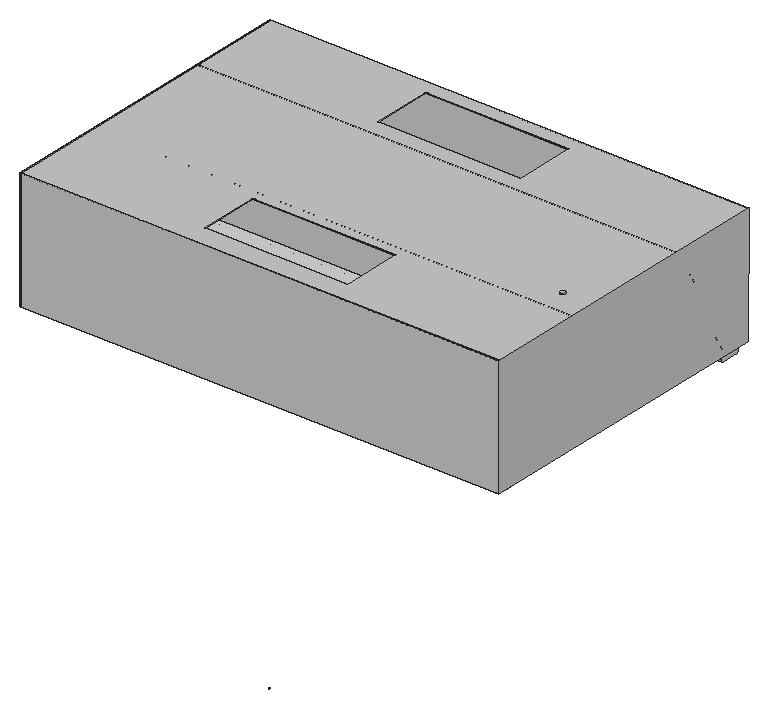
Revit family "QF_ELECTROLUXPROFESSIONAL_640229_STPF1320", category Specialty Equipment, Revit 2014
Reference planes
  plane 1: z = 0
  plane 2 "Center (Left/Right)": x = 150
  plane 3 "LEFT": x = -850
  plane 4 "RIGHT": x = 1150
  plane 5 "BACK": y = 550
  plane 6 "TOP": z = 2500
  plane 7 "Base": z = 2000
  plane 8: z = 1955
  plane 9 "DrainY": y = 490
  plane 10: x = -847
  plane 11 "DrainX": x = 1030
  plane 12 "AOLeft2": x = 450
  plane 13: x = 1147
  plane 14: x = -650
  plane 15: x = 950
  plane 16 "Center (Front/Back)": y = -100
  plane 17 "Front": y = -750
  plane 18 "AOLeft1": x = -150
  plane 19: y = -664
  plane 20: y = -414
  plane 21: y = 240
  plane 22: y = 490
  plane 23 "EI_y": y = -270
  plane 24 "EIx": x = 1030
Forms (mm)
  Extrusion 1, solid, material "QF_Finishes_Stainless Steel"
    sketch origin (-850, 0, 360) x (0, 1, 0) y (0, 0, 1)
      loop
        line (550, 1640) -> (550, 2140) -> (-750, 2140) -> (-750, 1640) -> (550, 1640)
    from 0 to 3
  Extrusion 2, solid, material "QF_Finishes_Stainless Steel"
    sketch origin (1150, 0, 360) x (0, 1, 0) y (0, 0, 1)
      loop
        line (550, 1640) -> (550, 2140) -> (-750, 2140) -> (-750, 1640) -> (550, 1640)
    from 0 to -3
  Extrusion 3, solid, material "QF_Finishes_Stainless Steel"
    sketch origin (150, 0, 360) x (0, 1, 0) y (0, 0, 1)
      loop
        line (-750, 2140) -> (-750, 1640) -> (-740, 1640) -> (-740, 1640.8) -> (-749.2, 1640.8) -> (-749.2, 2139.19) -> (549.2, 2139.19) -> (549.2, 1640.8) -> (540, 1640.8) -> (540, 1640) -> (550, 1640) -> (550, 2140) -> (-750, 2140)
    from -1000 to 1000
  Extrusion 4, solid, material "QF_Finishes_Stainless Steel"
    sketch origin (0, 0, 2000) x (0, 1, 0) y (-1, 0, 0)
      loop
        circle (490, -1030) r 4.763
    from -30 to 0
  Extrusion 5, void
    sketch origin (0, 0, 2500) x (0, 1, 0) y (-1, 0, 0)
      loop
        line (-414, -450) -> (-414, 150) -> (-664, 150) -> (-664, -450) -> (-414, -450)
    from 0 to -10
  Extrusion 6, solid, material "QF_Finishes_Stainless Steel"
    sketch origin (0, 0, 0) x (1, 0, 0) y (0, 1, 0)
      loop
        line (-850, 550) -> (-850, 549) -> (-849, 549) -> (-849, 550) -> (-850, 550)
    from 0 to 1
  Extrusion 7, solid, material "QF_LAMPS"
    sketch origin (150, 0, 360) x (0, 1, 0) y (0, 0, 1)
      loop
        line (-372.823, 1962.324) -> (-218.948, 2086.929) -> (-227.129, 2097.032) -> (-381.003, 1972.426) -> (-372.823, 1962.324)
    from 997 to -997
  Extrusion 8, solid, material "QF_Finishes_Stainless Steel"
    sketch origin (150, 0, 360) x (0, 1, 0) y (0, 0, 1)
      loop
        line (-750, 2139.19) -> (-750, 1640) -> (-686.602, 1640) -> (-599.146, 1690.493) -> (-610.058, 1709.394) -> (-666.564, 1676.77) -> (-714.704, 1680.982) -> (-749.2, 1730.248) -> (-749.2, 2139.19) -> (-750, 2139.19)
      loop
        line (-373.6, 1961.694) -> (-381.937, 1971.99) -> (-369.095, 1982.182) -> (-369.095, 2139.19) -> (-369.895, 2139.19) -> (-369.895, 1982.569) -> (-682.298, 1734.63) -> (-671.091, 1720.79) -> (-373.6, 1961.694)
      loop
        line (-227.61, 2099.216) -> (-218.171, 2087.559) -> (-154.411, 2139.19) -> (-155.682, 2139.19) -> (-218.052, 2088.684) -> (-226.989, 2099.719) -> (-227.61, 2099.216)
    from -997 to 997
  Sweep 9, solid, material "QF_Finishes_Stainless Steel"
    path origin (0, 0, 0) x (1, 0, 0) y (0, 1, 0)
      loop
        line (1150, 550) -> (-850, 550) -> (-850, -750) -> (1150, -750) -> (1150, 550)
    profile origin (1150, -100, 0) x (1, 0, 0) y (0, 0, 1)
      loop
        line (-3, 2000) -> (-3, 2000.8) -> (-19, 2000.8) -> (-19, 2010) -> (-20, 2010) -> (-20, 2000) -> (-3, 2000)
  Extrusion 10, solid, material "QF_Finishes_Stainless Steel"
    sketch origin (150, 0, 0) x (0, 1, 0) y (0, 0, 1)
      loop
        line (414.66, 2095.469) -> (440.643, 2110.471) -> (261.744, 2411.771) -> (235.948, 2396.455) -> (414.66, 2095.469)
    from -997 to -800
  Extrusion 11, solid, material "QF_Finishes_Stainless Steel"
    sketch origin (1030, 0, 0) x (0, 1, 0) y (0, 0, 1)
      loop
        line (539, 2000) -> (441, 2000) -> (441, 1989) -> (448.5, 1989) -> (448.5, 1965)
        arc (448.5, 1965) -> (451.429, 1957.929) -> (458.5, 1955) r 10
        line (458.5, 1955) -> (521.5, 1955)
        arc (521.5, 1955) -> (528.571, 1957.929) -> (531.5, 1965) r 10
        line (531.5, 1965) -> (531.5, 1989) -> (539, 1989) -> (539, 2000)
    from 90 to -90
  Extrusion 12, solid, material "QF_Finishes_Stainless Steel"
    sketch origin (150, 0, 360) x (0, 1, 0) y (0, 0, 1)
      loop
        line (-750, 2139.19) -> (-750, 1640) -> (-686.602, 1640) -> (-599.146, 1690.493) -> (-610.058, 1709.394) -> (-666.564, 1676.77) -> (-714.704, 1680.982) -> (-749.2, 1730.248) -> (-749.2, 2139.19) -> (-750, 2139.19)
      loop
        line (-373.6, 1961.694) -> (-381.937, 1971.99) -> (-369.095, 1982.182) -> (-369.095, 2139.19) -> (-369.895, 2139.19) -> (-369.895, 1982.569) -> (-682.298, 1734.63) -> (-671.091, 1720.79) -> (-373.6, 1961.694)
      loop
        line (-227.61, 2099.216) -> (-218.171, 2087.559) -> (-154.411, 2139.19) -> (-155.682, 2139.19) -> (-218.052, 2088.684) -> (-226.989, 2099.719) -> (-227.61, 2099.216)
    from -997 to 997
  Extrusion 13, solid, material "QF_Finishes_Stainless Steel"
    sketch origin (150, 0, 0) x (0, 1, 0) y (0, 0, 1)
      loop
        line (414.66, 2095.469) -> (440.643, 2110.471) -> (261.744, 2411.771) -> (235.948, 2396.455) -> (414.66, 2095.469)
    from 800 to 997
  Extrusion 14, solid, material "QF_Finished_Chrome"
    sketch origin (150, 0, 0) x (0, 1, 0) y (0, 0, 1)
      loop
        line (414.66, 2095.469) -> (440.643, 2110.471) -> (261.744, 2411.771) -> (235.948, 2396.455) -> (414.66, 2095.469)
    from -800 to 800
  Extrusion 15, void
    sketch origin (0, 1180, 2500) x (0, 1, 0) y (-1, 0, 0)
      loop
        line (-690, -450) -> (-690, 150) -> (-940, 150) -> (-940, -450) -> (-690, -450)
    from 0 to -10
  Extrusion 16, solid, material "QF_Finishes_Stainless Steel"
    sketch origin (0, 0, 2500) x (0, 1, 0) y (-1, 0, 0)
      loop
        circle (-270, -1030) r 10
    from 0 to 1.6
  Extrusion 17, solid, material "QF_Finishes_Stainless Steel"
    sketch origin (150, 0, 360) x (0, 1, 0) y (0, 0, 1)
      loop
        line (430.005, 1640) -> (540, 1640) -> (540, 1640.8) -> (430.467, 1640.8) -> (371.906, 1742.23) -> (414.858, 1734.657) -> (442.266, 1750.481) -> (442.266, 1765.943) -> (441.466, 1765.943) -> (441.466, 1750.943) -> (414.709, 1735.495) -> (321.153, 1751.991) -> (320.875, 1750.416) -> (371.4, 1741.507) -> (430.005, 1640)
      loop
        line (172.529, 2139.19) -> (242.893, 2017.316) -> (245.133, 2018.715) -> (240.13, 2027.381) -> (238.569, 2026.405) -> (173.453, 2139.19) -> (172.529, 2139.19)
    from -997 to 997
Cuts and joins
  Extrusion 5, Extrusion 15 cuts Extrusion 3
  joined: Extrusion 2, Extrusion 3, Sweep 9
Lines and regions (mm)
  symbolic lines, style "SpecialityEquipment", detail levels coarse
    curve 1: line (1150, 550, 2500) -> (-850, 550, 2500)
    curve 2: line (-850, 550, 2500) -> (-850, -750, 2500)
    curve 3: line (1150, -750, 2500) -> (1150, 550, 2500)
    curve 4: line (-850, 550, 0) -> (1150, -750, 0)
    curve 5: line (1150, 550, 0) -> (-850, -750, 0)
    curve 6: line (-850, -750, 0) -> (1150, -750, 0)
    curve 7: line (450, -414, 0) -> (-150, -414, 0)
    curve 8: line (450, -664, 0) -> (450, -414, 0)
    curve 9: line (-150, -664, 0) -> (450, -664, 0)
    curve 10: line (-150, -414, 0) -> (-150, -664, 0)
  symbolic lines, detail levels coarse
    curve 11: line (-150, 240, 2500) -> (450, 240, 2500)
    curve 12: line (-150, 490, 2500) -> (-150, 240, 2500)
    curve 13: line (450, 490, 2500) -> (-150, 490, 2500)
    curve 14: line (450, 240, 2500) -> (450, 490, 2500)
Dimensions and locks
  plane 3 "LEFT" to plane 4 "RIGHT" = 2000 mm
  equal spacing: plane 3 "LEFT", plane 2 "Center (Left/Right)", plane 4 "RIGHT"
  plane 7 "Base" to plane 8 = 45 mm
  plane 5 "BACK" to plane 9 "DrainY" = 60 mm  (x2)
  plane 3 "LEFT" to plane 10 = 3 mm
  plane 11 "DrainX" to plane 4 "RIGHT" = 120 mm
  plane 13 to plane 4 "RIGHT" = 3 mm
  plane 3 "LEFT" to plane 14 = 200 mm
  plane 15 to plane 4 "RIGHT" = 200 mm
  locked: plane 7 "Base" to level at 2000
  locked: plane 6 "TOP" to plane 7 "Base" at 500
  locked: plane 5 "BACK" to plane 17 "Front" at 1300
  equal spacing: plane 5 "BACK", plane 16 "Center (Front/Back)", plane 17 "Front"
  locked: plane 20 to plane 19 at 250
  plane 19 to plane 17 "Front" = 86 mm
  locked: plane 22 to plane 21 at 250
  plane 5 "BACK" to plane 22 = 60 mm
  locked: plane 23 "EI_y" to plane 17 "Front" at 480
  locked: plane 24 "EIx" to plane 4 "RIGHT" at 120
  locked: plane 18 "AOLeft1" to plane 12 "AOLeft2" at 600
  equal spacing: plane 18 "AOLeft1", plane 2 "Center (Left/Right)", plane 12 "AOLeft2"
  plane 5 "BACK" to plane 17 "Front" = 1300 mm
  aligned and locked: level to plane 1
  aligned and locked: plane 4 "RIGHT" to Extrusion 3
  aligned and locked: Extrusion 3 to plane 3 "LEFT"
  aligned and locked: Extrusion 2 to plane 13
  aligned and locked: Extrusion 10 to plane 10
  aligned and locked: Extrusion 8 to plane 10
  aligned and locked: plane 13 to Extrusion 8
  aligned and locked: Extrusion 5 to plane 18 "AOLeft1"
  aligned and locked: Extrusion 5 to plane 12 "AOLeft2"
  aligned and locked: plane 14 to Extrusion 10
  aligned and locked: plane 15 to Extrusion 13
  aligned and locked: plane 13 to Extrusion 13
  aligned and locked: Extrusion 14 to plane 14
  aligned and locked: Extrusion 14 to plane 15
  aligned and locked: plane 13 to Extrusion 7
  aligned and locked: Extrusion 7 to plane 10
  aligned and locked: Extrusion 15 to plane 21
  aligned and locked: plane 22 to Extrusion 15
  aligned and locked: Extrusion 15 to plane 18 "AOLeft1"
  aligned and locked: Extrusion 15 to plane 12 "AOLeft2"
  aligned and locked: Extrusion 17 to plane 10
  aligned and locked: plane 13 to Extrusion 17
  aligned and locked: plane 13 to Extrusion 12
  aligned and locked: Extrusion 12 to plane 10
  aligned and locked: cut or joined group of Extrusion 2, Extrusion 3, Extrusion 5, Sweep 9, Extrusion 15 to curve 7
  aligned and locked: cut or joined group of Extrusion 2, Extrusion 3, Extrusion 5, Sweep 9, Extrusion 15 to plane 19
  aligned and locked: curve 9 to plane 19
Automatic sketch dimensions
  curve 6 to plane 3 "LEFT" = 0 mm
  curve 4 to plane 3 "LEFT" = 0 mm
  curve 10 to plane 18 "AOLeft1" = 0 mm
  curve 8 to plane 12 "AOLeft2" = 0 mm
  curve 5 to plane 4 "RIGHT" = 0 mm
  curve 6 to plane 4 "RIGHT" = 0 mm
  curve 4 to plane 17 "Front" = 0 mm
  curve 4 to plane 5 "BACK" = 0 mm
  curve 5 to plane 5 "BACK" = 0 mm
  curve 2 to plane 3 "LEFT" = 0 mm
  curve 2 to plane 17 "Front" = 0 mm
  curve 3 to plane 4 "RIGHT" = 0 mm
  curve 3 to plane 17 "Front" = 0 mm
  curve 2 to plane 5 "BACK" = 0 mm
  Extrusion 1 sketch curve to plane 7 "Base" = 0 mm
  Extrusion 1 sketch curve to plane 17 "Front" = 0 mm
  Extrusion 1 sketch curve to plane 5 "BACK" = 0 mm
  Extrusion 1 sketch curve to plane 6 "TOP" = 0 mm
  Extrusion 2 sketch curve to plane 7 "Base" = 0 mm
  Extrusion 2 sketch curve to plane 17 "Front" = 0 mm
  Extrusion 2 sketch curve to plane 5 "BACK" = 0 mm
  Extrusion 2 sketch curve to plane 6 "TOP" = 0 mm
  Extrusion 3 sketch curve to plane 6 "TOP" = 0 mm
  Extrusion 3 sketch curve to plane 17 "Front" = 0 mm
  Extrusion 3 sketch curve to plane 7 "Base" = 0 mm  (x2)
  Extrusion 3 sketch curve to plane 5 "BACK" = 0 mm
  plane 17 "Front" to Extrusion 3 sketch curve = 0.8 mm
  Extrusion 3 sketch curve to Extrusion 3 sketch curve = 9.2 mm
  plane 7 "Base" to Extrusion 3 sketch curve = 0.8 mm  (x2)
  Extrusion 3 sketch curve to plane 5 "BACK" = 10 mm
  Extrusion 3 sketch curve to plane 5 "BACK" = 0.8 mm
  Extrusion 3 sketch curve to plane 6 "TOP" = 0.81 mm
  Extrusion 4 sketch curve to plane 9 "DrainY" = 0 mm
  Extrusion 4 sketch curve to plane 11 "DrainX" = 0 mm
  Extrusion 5 sketch curve to plane 12 "AOLeft2" = 0 mm
  Extrusion 5 sketch curve to plane 18 "AOLeft1" = 0 mm
  plane 19 to Extrusion 5 sketch curve = 0 mm
  Extrusion 5 sketch curve to plane 23 "EI_y" = 144 mm
  Extrusion 6 sketch curve to plane 3 "LEFT" = 0 mm
  Extrusion 6 sketch curve to plane 5 "BACK" = 0 mm
  plane 3 "LEFT" to Extrusion 6 sketch curve = 1 mm
  Extrusion 6 sketch curve to Extrusion 6 sketch curve = 1 mm
  plane 20 to Extrusion 7 sketch curve = 32.997 mm
  Extrusion 7 sketch curve to Extrusion 7 sketch curve = 8.181 mm  (x2)
  plane 23 "EI_y" to Extrusion 7 sketch curve = 42.871 mm
  Extrusion 7 sketch curve to plane 6 "TOP" = 177.676 mm
  Extrusion 7 sketch curve to Extrusion 7 sketch curve = 10.102 mm
  Extrusion 7 sketch curve to plane 6 "TOP" = 53.071 mm
  Extrusion 7 sketch curve to Extrusion 7 sketch curve = 10.103 mm
  Extrusion 8 sketch curve to plane 7 "Base" = 0 mm
  Extrusion 8 sketch curve to plane 17 "Front" = 0 mm
  Extrusion 8 sketch curve to Extrusion 8 sketch curve = 0.8 mm  (x2)
  plane 17 "Front" to Extrusion 8 sketch curve = 35.296 mm
  Extrusion 8 sketch curve to plane 19 = 22.602 mm
  Extrusion 8 sketch curve to plane 19 = 18.298 mm
  Extrusion 8 sketch curve to plane 19 = 7.091 mm
  Extrusion 8 sketch curve to plane 19 = 2.564 mm
  plane 19 to Extrusion 8 sketch curve = 53.942 mm
  Extrusion 8 sketch curve to Extrusion 8 sketch curve = 10.912 mm
  plane 20 to Extrusion 8 sketch curve = 32.063 mm
  Extrusion 8 sketch curve to Extrusion 8 sketch curve = 8.337 mm
  Extrusion 8 sketch curve to Extrusion 8 sketch curve = 12.042 mm
  plane 23 "EI_y" to Extrusion 8 sketch curve = 42.39 mm
  Extrusion 8 sketch curve to Extrusion 8 sketch curve = 0.622 mm
  Extrusion 8 sketch curve to Extrusion 8 sketch curve = 9.44 mm
  Extrusion 8 sketch curve to Extrusion 8 sketch curve = 0.118 mm
  Extrusion 8 sketch curve to plane 6 "TOP" = 0.81 mm  (x3)
  Extrusion 8 sketch curve to plane 16 "Center (Front/Back)" = 55.682 mm
  Extrusion 8 sketch curve to Extrusion 8 sketch curve = 1.271 mm
  plane 7 "Base" to Extrusion 8 sketch curve = 36.77 mm
  plane 7 "Base" to Extrusion 8 sketch curve = 40.982 mm
  plane 7 "Base" to Extrusion 8 sketch curve = 50.493 mm
  Extrusion 8 sketch curve to Extrusion 8 sketch curve = 18.901 mm
  Extrusion 8 sketch curve to Extrusion 8 sketch curve = 44.02 mm
  Extrusion 8 sketch curve to Extrusion 8 sketch curve = 49.266 mm
  Extrusion 8 sketch curve to Extrusion 8 sketch curve = 13.84 mm
  Extrusion 8 sketch curve to plane 6 "TOP" = 178.306 mm
  Extrusion 8 sketch curve to Extrusion 8 sketch curve = 10.296 mm
  Extrusion 8 sketch curve to Extrusion 8 sketch curve = 10.192 mm
  Extrusion 8 sketch curve to Extrusion 8 sketch curve = 0.386 mm
  Extrusion 8 sketch curve to plane 6 "TOP" = 52.441 mm
  Extrusion 8 sketch curve to Extrusion 8 sketch curve = 1.125 mm
  Sweep 9 sketch curve to plane 3 "LEFT" = 0 mm
  Sweep 9 sketch curve to plane 4 "RIGHT" = 0 mm
  Sweep 9 sketch curve to plane 17 "Front" = 0 mm
  Sweep 9 sketch curve to plane 5 "BACK" = 0 mm
  profile plane to Sweep 9 sketch curve = 20 mm
  Sweep 9 sketch curve to Sweep 9 sketch curve = 1 mm
  profile plane to Sweep 9 sketch curve = 3 mm
  level to Sweep 9 sketch curve = 2000 mm
  Sweep 9 sketch curve to Sweep 9 sketch curve = 0.8 mm
  Sweep 9 sketch curve to Sweep 9 sketch curve = 9.2 mm
  Extrusion 10 sketch curve to plane 21 = 4.052 mm
  plane 21 to Extrusion 10 sketch curve = 21.744 mm
  Extrusion 10 sketch curve to plane 9 "DrainY" = 75.34 mm
  Extrusion 10 sketch curve to Extrusion 10 sketch curve = 25.983 mm
  plane 7 "Base" to Extrusion 10 sketch curve = 95.469 mm
  Extrusion 10 sketch curve to Extrusion 10 sketch curve = 15.001 mm
  Extrusion 10 sketch curve to plane 6 "TOP" = 103.545 mm
  Extrusion 10 sketch curve to Extrusion 10 sketch curve = 15.316 mm
  Extrusion 12 sketch curve to plane 7 "Base" = 0 mm
  Extrusion 12 sketch curve to plane 17 "Front" = 0 mm
  Extrusion 12 sketch curve to Extrusion 12 sketch curve = 0.8 mm  (x2)
  plane 17 "Front" to Extrusion 12 sketch curve = 35.296 mm
  Extrusion 12 sketch curve to plane 19 = 22.602 mm
  Extrusion 12 sketch curve to plane 19 = 18.298 mm
  Extrusion 12 sketch curve to plane 19 = 7.091 mm
  Extrusion 12 sketch curve to plane 19 = 2.564 mm
  plane 19 to Extrusion 12 sketch curve = 53.942 mm
  Extrusion 12 sketch curve to Extrusion 12 sketch curve = 10.912 mm
  plane 20 to Extrusion 12 sketch curve = 32.063 mm
  Extrusion 12 sketch curve to Extrusion 12 sketch curve = 8.337 mm
  Extrusion 12 sketch curve to plane 6 "TOP" = 0.81 mm  (x3)
  plane 20 to Extrusion 12 sketch curve = 44.105 mm
  plane 23 "EI_y" to Extrusion 12 sketch curve = 42.39 mm
  Extrusion 12 sketch curve to Extrusion 12 sketch curve = 0.622 mm
  Extrusion 12 sketch curve to Extrusion 12 sketch curve = 9.44 mm
  Extrusion 12 sketch curve to Extrusion 12 sketch curve = 0.118 mm
  Extrusion 12 sketch curve to plane 16 "Center (Front/Back)" = 55.682 mm
  Extrusion 12 sketch curve to Extrusion 12 sketch curve = 1.271 mm
  plane 7 "Base" to Extrusion 12 sketch curve = 36.77 mm
  plane 7 "Base" to Extrusion 12 sketch curve = 40.982 mm
  plane 7 "Base" to Extrusion 12 sketch curve = 50.493 mm
  Extrusion 12 sketch curve to Extrusion 12 sketch curve = 18.901 mm
  Extrusion 12 sketch curve to Extrusion 12 sketch curve = 44.02 mm
  Extrusion 12 sketch curve to Extrusion 12 sketch curve = 49.266 mm
  Extrusion 12 sketch curve to Extrusion 12 sketch curve = 13.84 mm
  Extrusion 12 sketch curve to Extrusion 12 sketch curve = 177.496 mm
  Extrusion 12 sketch curve to Extrusion 12 sketch curve = 10.296 mm
  Extrusion 12 sketch curve to Extrusion 12 sketch curve = 10.192 mm
  Extrusion 12 sketch curve to Extrusion 12 sketch curve = 0.386 mm
  Extrusion 12 sketch curve to plane 6 "TOP" = 52.441 mm
  Extrusion 12 sketch curve to Extrusion 12 sketch curve = 1.125 mm
  Extrusion 13 sketch curve to plane 21 = 4.052 mm
  plane 21 to Extrusion 13 sketch curve = 21.744 mm
  Extrusion 13 sketch curve to plane 9 "DrainY" = 75.34 mm
  Extrusion 13 sketch curve to Extrusion 13 sketch curve = 25.983 mm
  plane 7 "Base" to Extrusion 13 sketch curve = 95.469 mm
  Extrusion 13 sketch curve to Extrusion 13 sketch curve = 15.001 mm
  Extrusion 13 sketch curve to plane 6 "TOP" = 103.545 mm
  Extrusion 13 sketch curve to Extrusion 13 sketch curve = 15.316 mm
  Extrusion 14 sketch curve to plane 21 = 4.052 mm
  plane 21 to Extrusion 14 sketch curve = 21.744 mm
  Extrusion 14 sketch curve to plane 9 "DrainY" = 75.34 mm
  Extrusion 14 sketch curve to Extrusion 14 sketch curve = 25.983 mm
  plane 7 "Base" to Extrusion 14 sketch curve = 95.469 mm
  Extrusion 14 sketch curve to Extrusion 14 sketch curve = 15.001 mm
  Extrusion 14 sketch curve to plane 6 "TOP" = 103.545 mm
  Extrusion 14 sketch curve to Extrusion 14 sketch curve = 15.316 mm
  Extrusion 15 sketch curve to plane 12 "AOLeft2" = 0 mm
  Extrusion 15 sketch curve to plane 21 = 0 mm
  Extrusion 15 sketch curve to plane 9 "DrainY" = 0 mm
  Extrusion 15 sketch curve to plane 18 "AOLeft1" = 0 mm
  Extrusion 16 sketch curve to plane 23 "EI_y" = 0 mm
  Extrusion 16 sketch curve to plane 24 "EIx" = 0 mm
  Extrusion 17 sketch curve to plane 7 "Base" = 0 mm
  Extrusion 17 sketch curve to plane 9 "DrainY" = 47.734 mm
  Extrusion 17 sketch curve to Extrusion 17 sketch curve = 0.8 mm
  plane 9 "DrainY" to Extrusion 17 sketch curve = 50 mm
  plane 7 "Base" to Extrusion 17 sketch curve = 0.8 mm
  Extrusion 17 sketch curve to Extrusion 17 sketch curve = 109.533 mm
  Extrusion 17 sketch curve to Extrusion 17 sketch curve = 0.462 mm  (x2)
  Extrusion 17 sketch curve to Extrusion 17 sketch curve = 26.608 mm
  Extrusion 17 sketch curve to Extrusion 17 sketch curve = 0.148 mm
  Extrusion 17 sketch curve to Extrusion 17 sketch curve = 42.803 mm
  Extrusion 17 sketch curve to Extrusion 17 sketch curve = 0.506 mm
  Extrusion 17 sketch curve to Extrusion 17 sketch curve = 50.247 mm
  Extrusion 17 sketch curve to Extrusion 17 sketch curve = 0.278 mm
  plane 21 to Extrusion 17 sketch curve = 5.133 mm
  Extrusion 17 sketch curve to Extrusion 17 sketch curve = 2.24 mm
  plane 21 to Extrusion 17 sketch curve = 0.13 mm
  Extrusion 17 sketch curve to plane 21 = 1.431 mm
  Extrusion 17 sketch curve to plane 6 "TOP" = 0.81 mm
  Extrusion 17 sketch curve to plane 21 = 66.547 mm
  Extrusion 17 sketch curve to Extrusion 17 sketch curve = 0.924 mm
  plane 7 "Base" to Extrusion 17 sketch curve = 94.657 mm
  Extrusion 17 sketch curve to Extrusion 17 sketch curve = 0.838 mm
  Extrusion 17 sketch curve to Extrusion 17 sketch curve = 6.012 mm
  Extrusion 17 sketch curve to Extrusion 17 sketch curve = 0.723 mm
  Extrusion 17 sketch curve to Extrusion 17 sketch curve = 14.986 mm
  Extrusion 17 sketch curve to Extrusion 17 sketch curve = 15 mm
  Extrusion 17 sketch curve to plane 6 "TOP" = 122.684 mm
  Extrusion 17 sketch curve to Extrusion 17 sketch curve = 1.399 mm
  Extrusion 17 sketch curve to Extrusion 17 sketch curve = 9.089 mm
  Extrusion 17 sketch curve to Extrusion 17 sketch curve = 0.975 mm
  curve 11 to plane 18 "AOLeft1" = 0 mm
  curve 11 to plane 21 = 0 mm
  curve 12 to plane 9 "DrainY" = 0 mm
  curve 11 to plane 12 "AOLeft2" = 0 mm
  Extrusion 11 sketch curve to plane 8 = 0 mm
  Extrusion 11 sketch curve to plane 7 "Base" = 11 mm  (x2)
  Extrusion 11 sketch curve to plane 9 "DrainY" = 49 mm
  Extrusion 11 sketch curve to Extrusion 11 sketch curve = 7.5 mm  (x2)
  Extrusion 11 sketch curve to Extrusion 11 sketch curve = 10 mm
  Extrusion 11 sketch curve to plane 5 "BACK" = 28.5 mm
  Extrusion 11 sketch curve to plane 5 "BACK" = 18.5 mm
  plane 7 "Base" to Extrusion 11 sketch curve = 0 mm
  radius of Extrusion 4 sketch curve = 4.763 mm
  radius of Extrusion 16 sketch curve = 10 mm
Connectors
  piping at (1030, 490, 1970), diameter 9.5
    settings: on Extrusion 4, index 1, connector inside diameter 609.6 mm, connector length 0 mm, flow factor 0, pipe flow 0.0 L/s, pressure drop 0.0 Pa, fitting loss kfactor 0, connector angle 0.00°, fixture units 0, engagement length 0 mm, angle of deflection 0.00°, flow configuration 1, flow direction 2, fitting loss method 0, system type 16, joint type 0, gender type 0, connector reference index -1, connector utility 0, adjustable connector no, is connector primary yes, connector description "Drain"
  hvac at (150, -539, 2500)
    settings: on Extrusion 5, index 2, duct flow 0.0 L/s, flow factor 0, pres drop 0.0 Pa, loss coef 0, conn angle 0.00°, conn width 250 mm, conn height 600 mm, conn diameter 609.6 mm, duct sys type 1, conn prof type 1, flow config 1, flow direction 1, loss method 0, conn ref index -1, conn util no, is conn primary yes, conn desc "AIR INLET"
  hvac at (150, 365, 2500)
    settings: on Extrusion 15, index 4, duct flow 0.0 L/s, flow factor 0, pres drop 0.0 Pa, loss coef 0, conn angle 0.00°, conn width 250 mm, conn height 600 mm, conn diameter 609.6 mm, duct sys type 3, conn prof type 1, flow config 1, flow direction 2, loss method 0, conn ref index -1, conn util no, is conn primary no, conn desc "EXHAUST OUTLET"
  electrical at (1030, -270, 2501.6)
    settings: on Extrusion 16, index 6, voltage 0 V, apparent load 0 VA, apparent load phase1 0 VA, apparent load phase2 0 VA, apparent load phase3 0 VA, power factor 1, load classification "Other", number of poles 1, system type 30, power factor state 1, is connector primary yes, connector utility no, sub classification motor no, connector description "Electrical Connection"
